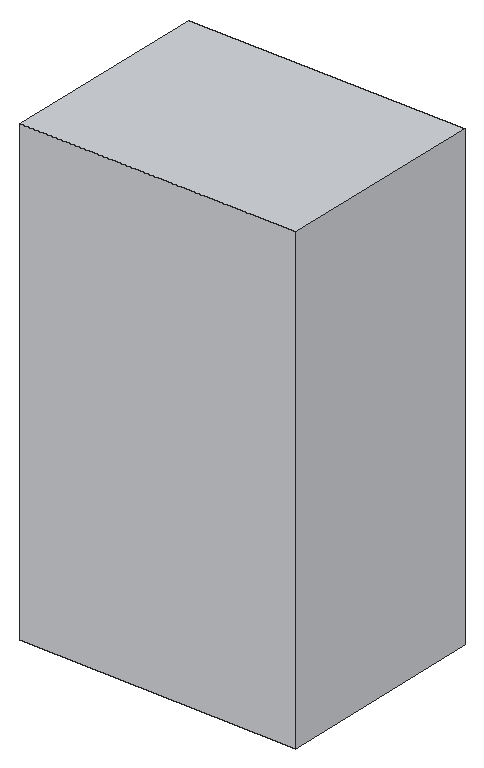
Revit family
Parameters
  Warranty Duration (Years) = 0
  Unit Width [instance] = 0' - 4 1/4"
  Unit Height [instance] = 0' - 4 1/4"
  Unit Depth = 0' - 0 7/8"
  URL = "http://www.americanspecialties.com/viewCategories.cfm"
  Trim Material = Metal - Stainless Steel
  Test Data = ""
  Specification = "http://www.arcat.com/sdspecs/htm/10810asi.htm"
  SpecWizard = ""
  Send Message = "http://www.arcat.com/users.pl?action=UserEmail&company=American%20Specialties,%20Inc.&coid=30448&rep=139&fax=914-476-0688&mf="
  Sales Information = "http://www.americanspecialties.com/contact"
  Revision = "R1_10-2010"
  Product Properties = "http://www.americanspecialties.com/datasheets/129.pdf"
  Product Data = "http://www.arcat.com/arcatcos/cos30/arc30448.html"
  Model = "As Specified in 10 28 13"
  Manufacturer Website = "http://www.americanspecialties.com/viewCategories.cfm"
  Manufacturer Phone - Toll Free = ""
  Manufacturer Phone = "914-476-9000 "
  Manufacturer Fax = "914-476-0688"
  Manufacturer Address = "441 Saw Mill River Rd., Yonkers, NY 10701"
  Manufacturer = "American Specialties, Inc."
  Maintenance Schedule (Months) = 0
  Keynote = "10 28 13"
  Installation-Fabrication = "http://www.americanspecialties.com/products.cfm"
  Green Building-LEED = ""
  Expected Lifespan (Years) = 0
  Drawn By = "Robert S. Weygant. CSI, CDT, SCIP"  # constant formula
  Description = "Toilet Accessory as Specified in 10 28 13"
  Default Elevation = 4' - 0"
  Copyright = "©Arcat Inc."
  Construction Details = "http://www.arcat.com/green/clients/leed_data_30448.html"
  Building Codes = "http://www.americanspecialties.com/products.cfm"
  Body Material = Metal - Stainless Steel
  Assembly Code = "C1030210"
Reference planes (in)
  plane 1 "Center (Front/Back)": y = -0.29112
  plane 2 "Floor Line": z = 0
  plane 3 "Center (Left/Right)": x = -0.65843
Forms (in)
  Extrusion 1, solid
    sketch origin (-3, -9, -6) x (0, 0, -1) y (1, 0, 0)
      loop
        line (-82, 26) -> (-82, -19.34712) -> (-6, -19.34712) -> (-6, 26) -> (-82, 26)
    from 9 to -25.60721
  Extrusion 2, solid, material "Metal - Stainless Steel" <- "Body Material"
    sketch origin (-6.875, 0.625, 0) x (1, 0, 0) y (0, 1, 0)
      loop
        arc (-2.427, 1.83388) -> (-2.67904, 1.72949) -> (-2.78343, 1.47745) r 0.35643
        line (-2.78343, 1.47745) -> (-2.78343, -3.30969)
        arc (-2.78343, -3.30969) -> (-2.67904, -3.56172) -> (-2.427, -3.66612) r 0.35643
        line (-2.427, -3.66612) -> (14.86014, -3.66612)
        arc (14.86014, -3.66612) -> (15.11217, -3.56172) -> (15.21657, -3.30969) r 0.35643
        line (15.21657, -3.30969) -> (15.21657, 1.47745)
        arc (15.21657, 1.47745) -> (15.11217, 1.72949) -> (14.86014, 1.83388) r 0.35643
        line (14.86014, 1.83388) -> (-2.427, 1.83388)
      loop
        circle (-1.28343, 1.14638) r 0.18394
      loop
        circle (-1.28343, -2.97862) r 0.18394
      loop
        circle (6.21657, 1.14638) r 0.18394
      loop
        circle (6.21657, -2.97862) r 0.18394
      loop
        circle (13.71657, 1.14638) r 0.18394
      loop
        circle (13.71657, -2.97862) r 0.18394
    from 0 to 0.875
  Extrusion 3, solid, material "Metal - Stainless Steel" <- "Trim Material"
    sketch origin (-6.19388, 0, 0) x (1, 0, 0) y (0, 1, 0)
      loop
        circle (-2.03343, -0.29112) r 0.12196
    from 0.72731 to 0.875
  Revolve 4, solid, material "Metal - Stainless Steel" <- "Trim Material"
    sketch origin (-7.32192, 0, 0) x (0, 1, 0) y (0, 0, 1)
      loop
        line (-0.29112, 1.27196) -> (-0.29112, 0.875) -> (0.18146, 0.875)
        spline (0.18146, 0.875) -> (0.17742, 0.92681) -> (0.16536, 0.97774) -> (0.14549, 1.02691) -> (0.11815, 1.07348) -> (0.0838, 1.11665) -> (0.04305, 1.15569) -> (-0.00343, 1.18993) -> (-0.05483, 1.21878) -> (-0.11027, 1.24174) -> (-0.16881, 1.25843) -> (-0.22943, 1.26856) -> (-0.29112, 1.27196)
      axis (-0.29112, 0.875) -> (-0.29112, 1.27196)
    angle from 0 to 360
  Extrusion 5, solid, material "Metal - Stainless Steel" <- "Trim Material"
    sketch origin (-7.32192, 0, 0) x (0, 1, 0) y (0, 0, 1)
      loop
        arc (-0.17449, 0.98159) -> (-0.1544, 0.86766) -> (-0.04047, 0.88775) r 0.0818
        line (-0.04047, 0.88775) -> (0.65841, 1.88586)
        arc (0.65841, 1.88586) -> (0.63832, 1.99979) -> (0.52439, 1.9797) r 0.0818
        line (0.52439, 1.9797) -> (-0.17449, 0.98159)
    from -0.04453 to 0.03585
  Extrusion 6, solid, material "Metal - Stainless Steel" <- "Trim Material"
    sketch origin (-8.44996, 0, 0) x (-1, 0, 0) y (0, -1, 0)
      loop
        circle (-2.03343, 0.29112) r 0.12196
    from 0.72731 to 0.875
  Extrusion 7, solid, material "Metal - Stainless Steel" <- "Trim Material"
    sketch origin (-1.72513, 0, 0) x (1, 0, 0) y (0, 1, 0)
      loop
        circle (-2.03343, -0.29112) r 0.12196
    from 0.72731 to 0.875
  Revolve 8, solid, material "Metal - Stainless Steel" <- "Trim Material"
    sketch origin (-2.85317, 0, 0) x (0, 1, 0) y (0, 0, 1)
      loop
        line (-0.29112, 1.27196) -> (-0.29112, 0.875) -> (0.18146, 0.875)
        spline (0.18146, 0.875) -> (0.17742, 0.92681) -> (0.16536, 0.97774) -> (0.14549, 1.02691) -> (0.11815, 1.07348) -> (0.0838, 1.11665) -> (0.04305, 1.15569) -> (-0.00343, 1.18993) -> (-0.05483, 1.21878) -> (-0.11027, 1.24174) -> (-0.16881, 1.25843) -> (-0.22943, 1.26856) -> (-0.29112, 1.27196)
      axis (-0.29112, 0.875) -> (-0.29112, 1.27196)
    angle from 0 to 360
  Extrusion 9, solid, material "Metal - Stainless Steel" <- "Trim Material"
    sketch origin (-2.85317, 0, 0) x (0, 1, 0) y (0, 0, 1)
      loop
        arc (-0.17449, 0.98159) -> (-0.1544, 0.86766) -> (-0.04047, 0.88775) r 0.0818
        line (-0.04047, 0.88775) -> (0.65841, 1.88586)
        arc (0.65841, 1.88586) -> (0.63832, 1.99979) -> (0.52439, 1.9797) r 0.0818
        line (0.52439, 1.9797) -> (-0.17449, 0.98159)
    from -0.04453 to 0.03585
  Extrusion 10, solid, material "Metal - Stainless Steel" <- "Trim Material"
    sketch origin (-3.98121, 0, 0) x (-1, 0, 0) y (0, -1, 0)
      loop
        circle (-2.03343, 0.29112) r 0.12196
    from 0.72731 to 0.875
  Extrusion 11, solid, material "Metal - Stainless Steel" <- "Trim Material"
    sketch origin (2.74362, 0, 0) x (1, 0, 0) y (0, 1, 0)
      loop
        circle (-2.03343, -0.29112) r 0.12196
    from 0.72731 to 0.875
  Revolve 12, solid, material "Metal - Stainless Steel" <- "Trim Material"
    sketch origin (1.61558, 0, 0) x (0, 1, 0) y (0, 0, 1)
      loop
        line (-0.29112, 1.27196) -> (-0.29112, 0.875) -> (0.18146, 0.875)
        spline (0.18146, 0.875) -> (0.17742, 0.92681) -> (0.16536, 0.97774) -> (0.14549, 1.02691) -> (0.11815, 1.07348) -> (0.0838, 1.11665) -> (0.04305, 1.15569) -> (-0.00343, 1.18993) -> (-0.05483, 1.21878) -> (-0.11027, 1.24174) -> (-0.16881, 1.25843) -> (-0.22943, 1.26856) -> (-0.29112, 1.27196)
      axis (-0.29112, 0.875) -> (-0.29112, 1.27196)
    angle from 0 to 360
  Extrusion 13, solid, material "Metal - Stainless Steel" <- "Trim Material"
    sketch origin (1.61558, 0, 0) x (0, 1, 0) y (0, 0, 1)
      loop
        arc (-0.17449, 0.98159) -> (-0.1544, 0.86766) -> (-0.04047, 0.88775) r 0.0818
        line (-0.04047, 0.88775) -> (0.65841, 1.88586)
        arc (0.65841, 1.88586) -> (0.63832, 1.99979) -> (0.52439, 1.9797) r 0.0818
        line (0.52439, 1.9797) -> (-0.17449, 0.98159)
    from -0.04453 to 0.03585
  Extrusion 14, solid, material "Metal - Stainless Steel" <- "Trim Material"
    sketch origin (0.48754, 0, 0) x (-1, 0, 0) y (0, -1, 0)
      loop
        circle (-2.03343, 0.29112) r 0.12196
    from 0.72731 to 0.875
  Extrusion 15, solid, material "Metal - Stainless Steel" <- "Trim Material"
    sketch origin (7.21237, 0, 0) x (1, 0, 0) y (0, 1, 0)
      loop
        circle (-2.03343, -0.29112) r 0.12196
    from 0.72731 to 0.875
  Revolve 16, solid, material "Metal - Stainless Steel" <- "Trim Material"
    sketch origin (6.08433, 0, 0) x (0, 1, 0) y (0, 0, 1)
      loop
        line (-0.29112, 1.27196) -> (-0.29112, 0.875) -> (0.18146, 0.875)
        spline (0.18146, 0.875) -> (0.17742, 0.92681) -> (0.16536, 0.97774) -> (0.14549, 1.02691) -> (0.11815, 1.07348) -> (0.0838, 1.11665) -> (0.04305, 1.15569) -> (-0.00343, 1.18993) -> (-0.05483, 1.21878) -> (-0.11027, 1.24174) -> (-0.16881, 1.25843) -> (-0.22943, 1.26856) -> (-0.29112, 1.27196)
      axis (-0.29112, 0.875) -> (-0.29112, 1.27196)
    angle from 0 to 360
  Extrusion 17, solid, material "Metal - Stainless Steel" <- "Trim Material"
    sketch origin (6.08433, 0, 0) x (0, 1, 0) y (0, 0, 1)
      loop
        arc (-0.17449, 0.98159) -> (-0.1544, 0.86766) -> (-0.04047, 0.88775) r 0.0818
        line (-0.04047, 0.88775) -> (0.65841, 1.88586)
        arc (0.65841, 1.88586) -> (0.63832, 1.99979) -> (0.52439, 1.9797) r 0.0818
        line (0.52439, 1.9797) -> (-0.17449, 0.98159)
    from -0.04453 to 0.03585
  Extrusion 18, solid, material "Metal - Stainless Steel" <- "Trim Material"
    sketch origin (4.95629, 0, 0) x (-1, 0, 0) y (0, -1, 0)
      loop
        circle (-2.03343, 0.29112) r 0.12196
    from 0.72731 to 0.875
Dimensions and locks (in)
  equal spacing: group 1, group 2, group 3, group 4  (x3)
  aligned and locked: Extrusion 1 to level
  aligned and locked: Extrusion 2 to Extrusion 3
  aligned and locked: Extrusion 3 to Extrusion 6
  aligned and locked: Extrusion 2 to Extrusion 6
  aligned and locked: Extrusion 7 to Extrusion 10
  aligned and locked: Extrusion 11 to Extrusion 14
  aligned and locked: Extrusion 15 to Extrusion 18
